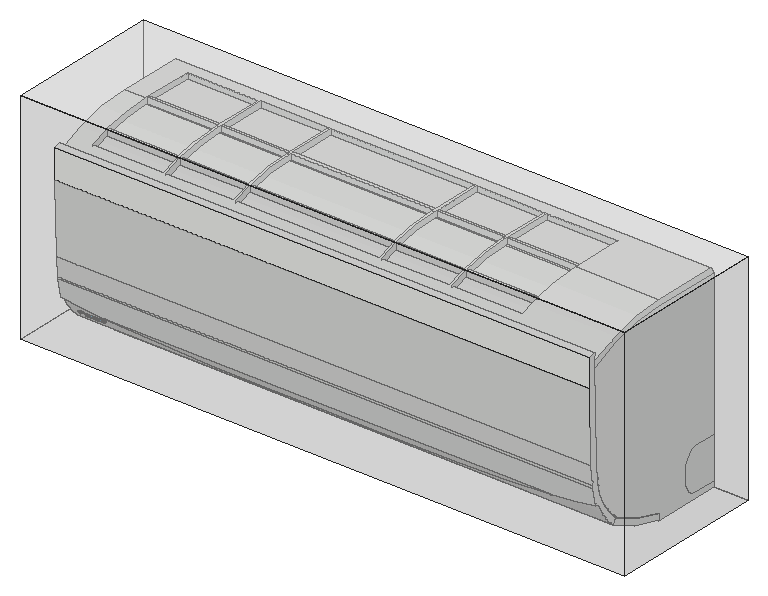
Revit family "outputfile", category 機械設備, Revit 2024
Family settings
  丸型コネクタ寸法 = 半径を使用
  パーツ タイプ = 標準
  OmniClass 番号 = 23.75.10.24.21.27.27
  OmniClass タイトル = Split System Air Conditioning Units
  作業面ベース = いいえ
  常に垂直 = はい
  ロード時にボイドで切り取り = いいえ
  注釈の向きを維持 = いいえ
  共有 = いいえ
  部屋計算ポイント = いいえ
Parameters (values of type "CTXM20RVMA")
  Description = ""
  書き出し IFC クラス(タイプ) = "IfcUnitaryEquipmentType"
  定義済み IFC タイプ(タイプ) = "AIRCONDITIONINGUNIT"
  Cost = 0
  Type Comments = ""
  Keynote = ""
  Type Image = (empty or 0)
  Assembly Code = ""
  w_wall hole = if(Width = 770.0 mm, 48.0 mm, if(Width = 990.0 mm, 60.0 mm, 89.0 mm))  # 48.0 mm
  製造元 = "Daikin"
  モデル = "CTXM20RVMA"
  switch_frequency = yes
  r_Liquid Pipe Size = Liquid Pipe Size / 2  # 3.2 mm
  r_Gas Pipe Size = Gas Pipe Size / 2  # 4.75 mm
  r_Drain Pipe Size = Drain Pipe Size / 2  # 8.0 mm
  lw_powersupply [instance] = if(Width = 770.0 mm, if(or(Rear Right Connection_refrigerant, Bottom Right Connection_refrigerant), 25.0 mm, if(or(Rear Left Connection_refrigerant, Bottom Left Connection_refrigerant), 745.0 mm, 400.0 mm)), if(Width = 990.0 mm, if(or(Rear Right Connection_refrigerant, Bottom Right Connection_refrigerant), 40.0 mm, if(or(Rear Left Connection_refrigerant, Bottom Left Connection_refrigerant), 920.0 mm, 400.0 mm)), if(Width = 1200.0 mm, if(or(Rear Right Connection_refrigerant, Bottom Right Connection_refrigerant), 89.0 mm - 19.0 mm, if(or(Rear Left Connection_refrigerant, Bottom Left Connection_refrigerant), 675.0 mm + (990.0 mm - 770.0 mm) + 145.0 mm + 22.0 mm + 89.0 mm, 400.0 mm)), if(or(Rear Right Connection_refrigerant, Bottom Right Connection_refrigerant), 89.0 mm - 19.0 mm, if(or(Rear Left Connection_refrigerant, Bottom Left Connection_refrigerant), 675.0 mm + (990.0 mm - 770.0 mm) + 145.0 mm + 22.0 mm + 89.0 mm, 400.0 mm)))))  # 400.0 mm
  lw_liquidpipe [instance] = if(Width = 770.0 mm, if(or(Rear Right Connection_refrigerant, Bottom Right Connection_refrigerant), 0.0 mm, if(or(Rear Left Connection_refrigerant, Bottom Left Connection_refrigerant), 664.0 mm, 385.0 mm)), if(Width = 990.0 mm, if(or(Rear Right Connection_refrigerant, Bottom Right Connection_refrigerant), 0.0 mm, if(or(Rear Left Connection_refrigerant, Bottom Left Connection_refrigerant), 664.0 mm + (990.0 mm - 770.0 mm), 475.0 mm)), if(Width = 1200.0 mm, if(or(Rear Right Connection_refrigerant, Bottom Right Connection_refrigerant), 0.0 mm, if(or(Rear Left Connection_refrigerant, Bottom Left Connection_refrigerant), 664.0 mm + (990.0 mm - 770.0 mm) + 145.0 mm, 460.0 mm)), if(or(Rear Right Connection_refrigerant, Bottom Right Connection_refrigerant), 0.0 mm, if(or(Rear Left Connection_refrigerant, Bottom Left Connection_refrigerant), 664.0 mm + (990.0 mm - 770.0 mm) + 145.0 mm, 460.0 mm)))))  # 385.0 mm
  lw_gaspipe [instance] = if(Width = 770.0 mm, if(or(Rear Right Connection_refrigerant, Bottom Right Connection_refrigerant), 0.0 mm, if(or(Rear Left Connection_refrigerant, Bottom Left Connection_refrigerant), 675.0 mm, if(Gas Pipe Size = 12.7 mm, 345.0 mm, 335.0 mm))), if(Width = 990.0 mm, if(or(Rear Right Connection_refrigerant, Bottom Right Connection_refrigerant), 10.0 mm, if(or(Rear Left Connection_refrigerant, Bottom Left Connection_refrigerant), 890.0 mm, if(Gas Pipe Size = 15.9 mm, 410.0 mm, 400.0 mm))), if(Width = 1200.0 mm, if(or(Rear Right Connection_refrigerant, Bottom Right Connection_refrigerant), 10.0 mm, if(or(Rear Left Connection_refrigerant, Bottom Left Connection_refrigerant), 675.0 mm + (990.0 mm - 770.0 mm) + 145.0 mm, 400.0 mm)), if(or(Rear Right Connection_refrigerant, Bottom Right Connection_refrigerant), 10.0 mm, if(or(Rear Left Connection_refrigerant, Bottom Left Connection_refrigerant), 675.0 mm + (990.0 mm - 770.0 mm) + 145.0 mm, 400.0 mm)))))  # 335.0 mm
  lw_drainpipe [instance] = if(Width = 770.0 mm, if(or(Rear Right Connection_refrigerant, Bottom Right Connection_refrigerant), 0.0 mm, if(or(Rear Left Connection_refrigerant, Bottom Left Connection_refrigerant), 770.0 mm - 48.0 mm - 48.0 mm, 440.0 mm)), if(Width = 990.0 mm, if(or(Rear Right Connection_refrigerant, Bottom Right Connection_refrigerant), 0.0 mm, if(or(Rear Left Connection_refrigerant, Bottom Left Connection_refrigerant), 675.0 mm + (990.0 mm - 770.0 mm), 435.0 mm)), if(Width = 1200.0 mm, if(or(Rear Right Connection_refrigerant, Bottom Right Connection_refrigerant), 0.0 mm, if(or(Rear Left Connection_refrigerant, Bottom Left Connection_refrigerant), 675.0 mm + (990.0 mm - 770.0 mm) + 145.0 mm, 465.0 mm)), if(or(Rear Right Connection_refrigerant, Bottom Right Connection_refrigerant), 0.0 mm, if(or(Rear Left Connection_refrigerant, Bottom Left Connection_refrigerant), 675.0 mm + (990.0 mm - 770.0 mm) + 145.0 mm, 465.0 mm)))))  # 440.0 mm
  l_powersupply_length [instance] = if(Width = 770.0 mm, if(Right Connection_refrigerant, 400.0 mm, if(Left Connection_refrigerant, 770.0 mm - 400.0 mm, if(or(Rear Left Connection_refrigerant, Rear Right Connection_refrigerant), 15.0 mm, 50.0 mm))), if(Width = 990.0 mm, if(Right Connection_refrigerant, 400.0 mm, if(Left Connection_refrigerant, 990.0 mm - 400.0 mm, if(or(Rear Left Connection_refrigerant, Rear Right Connection_refrigerant), 15.0 mm, 50.0 mm))), if(Width = 1200.0 mm, if(Right Connection_refrigerant, 400.0 mm, if(Left Connection_refrigerant, 1200.0 mm - 400.0 mm, if(or(Rear Left Connection_refrigerant, Rear Right Connection_refrigerant), 15.0 mm, 50.0 mm))), if(Right Connection_refrigerant, 400.0 mm, if(Left Connection_refrigerant, 1200.0 mm - 400.0 mm, if(or(Rear Left Connection_refrigerant, Rear Right Connection_refrigerant), 15.0 mm, 50.0 mm))))))  # 400.0 mm
  l_liquidpipe_length [instance] = if(Width = 770.0 mm, if(Right Connection_refrigerant, 433.0 mm, if(Left Connection_refrigerant, 337.0 mm, if(or(Rear Left Connection_refrigerant, Rear Right Connection_refrigerant), 30.0 mm, 40.0 mm))), if(Width = 990.0 mm, if(Right Connection_refrigerant, 535.0 mm, if(Left Connection_refrigerant, 455.0 mm, if(or(Rear Left Connection_refrigerant, Rear Right Connection_refrigerant), 30.0 mm, 40.0 mm))), if(Width = 1200.0 mm, if(Right Connection_refrigerant, 549.0 mm, if(Left Connection_refrigerant, 1200.0 mm - 549.0 mm, if(or(Rear Left Connection_refrigerant, Rear Right Connection_refrigerant), 30.0 mm, 40.0 mm))), if(Right Connection_refrigerant, 549.0 mm, if(Left Connection_refrigerant, 1200.0 mm - 549.0 mm, if(or(Rear Left Connection_refrigerant, Rear Right Connection_refrigerant), 30.0 mm, 40.0 mm))))))  # 433.0 mm
  l_gaspipe_length [instance] = if(Width = 770.0 mm, if(Right Connection_refrigerant, if(Gas Pipe Size = 12.7 mm, 393.0 mm, 383.0 mm), if(Left Connection_refrigerant, if(Gas Pipe Size = 12.7 mm, 770.0 mm - 393.0 mm, 770.0 mm - 383.0 mm), if(or(Rear Left Connection_refrigerant, Rear Right Connection_refrigerant), 40.0 mm, 50.0 mm))), if(Width = 990.0 mm, if(Right Connection_refrigerant, if(Gas Pipe Size = 15.9 mm, 470.0 mm, 460.0 mm), if(Left Connection_refrigerant, if(Gas Pipe Size = 15.9 mm, 990.0 mm - 470.0 mm, 990.0 mm - 460.0 mm), if(or(Rear Left Connection_refrigerant, Rear Right Connection_refrigerant), 40.0 mm, 50.0 mm))), if(Width = 1200.0 mm, if(Right Connection_refrigerant, 489.0 mm, if(Left Connection_refrigerant, 1200.0 mm - 489.0 mm, if(or(Rear Left Connection_refrigerant, Rear Right Connection_refrigerant), 40.0 mm, 50.0 mm))), if(Right Connection_refrigerant, 489.0 mm, if(Left Connection_refrigerant, 1200.0 mm - 489.0 mm, if(or(Rear Left Connection_refrigerant, Rear Right Connection_refrigerant), 40.0 mm, 50.0 mm))))))  # 383.0 mm
  l_drainpipe_length [instance] = if(Width = 770.0 mm, if(Right Connection_refrigerant, 488.0 mm, if(Left Connection_refrigerant, 282.0 mm, if(or(Rear Left Connection_refrigerant, Rear Right Connection_refrigerant), 15.0 mm, 20.0 mm))), if(Width = 990.0 mm, if(Right Connection_refrigerant, 495.0 mm, if(Left Connection_refrigerant, 495.0 mm, if(or(Rear Left Connection_refrigerant, Rear Right Connection_refrigerant), 15.0 mm, 20.0 mm))), if(Width = 1200.0 mm, if(Right Connection_refrigerant, 554.0 mm, if(Left Connection_refrigerant, 1200.0 mm - 554.0 mm, if(or(Rear Left Connection_refrigerant, Rear Right Connection_refrigerant), 15.0 mm, 20.0 mm))), if(Right Connection_refrigerant, 554.0 mm, if(Left Connection_refrigerant, 1200.0 mm - 554.0 mm, if(or(Rear Left Connection_refrigerant, Rear Right Connection_refrigerant), 15.0 mm, 20.0 mm))))))  # 488.0 mm
  h*** = 0.0 mm  # constant formula
  connector_voltage = Voltage_50Hz  # 230 V
  connector_powerinput = if([Power Input (Cooling)] > [Power Input (Heating)], [Power Input (Cooling)], [Power Input (Heating)])  # 0.000 kW
  connector_phase = Phase_50Hz  # 1
  angle_vertical [instance] = if(or(Bottom Left Connection_refrigerant, Bottom Right Connection_refrigerant), 0.00°, 90.00°)  # 90.00°
  angle_horizontal [instance] = if(Right Connection_refrigerant, 90.00°, if(Left Connection_refrigerant, -90.00°, if(or(Rear Left Connection_refrigerant, Rear Right Connection_refrigerant), 180.00°, 0.00°)))  # 90.00°
  Width = 770.0 mm
  Voltage_comment_50Hz = "220 - 240"
  Voltage_50Hz = 230 V
  Version = "ver.1.0"
  Unit Type = "Wall Mounted"
  Unit Mass Weight = 9.00 kg
  Unit Designation [instance] = ""
  Uniclass2015Version = "Products v1.30"
  Uniclass2015Title = "Split coil room air conditioning units"
  Uniclass2015Code = "Pr_70_65_03_86"
  URL = ""
  Total Heating Capacity [instance] = 0.000 kW
  Total Cooling Capacity [instance] = 0.000 kW
  Sound Pressure Level_M speed (dBA) = 32
  Sound Pressure Level_L speed (dBA) = 25
  Sound Pressure Level_H speed (dBA) = 38
  Sound Power Level_H speed (dB) = 0
  Series = "Multi Split_Fan Coil Unit"
  Sensible Cooling Capacity [instance] = 0.000 kW
  Refrigerant Type = "R32"
  Power Input (Heating) = 0.000 kW
  Power Input (Cooling) = 0.000 kW
  Phase_50Hz = 1
  Option Accessory 3 [instance] = ""
  Option Accessory 2 [instance] = ""
  Option Accessory 1 [instance] = ""
  Nominal Heating Capacity = 2.800 kW
  Nominal Cooling Capacity = 2.000 kW
  Minimum Circuit Amps_50Hz = 0.0 A
  Minimum Airflow = 342.00 m³/h
  Median Airflow = 432.00 m³/h
  Maximum Fuse Amps_50Hz = 0.0 A
  Maximum Airflow = 558.00 m³/h
  Material_Casing = DAIKIN_White_Casing_indoorunit
  Load Classification = HVAC
  Liquid Pipe Size = 6.4 mm
  Link_Nested Family [instance] = ""
  IfcVersion = ""
  IfcExportType = "AIRCONDITIONINGUNIT"
  IfcExportAs = "IfcUnitaryEquipmentType"
  Height = 285.0 mm
  Heating Entering Wet Bulb Temperature [instance] = 0.00 °C
  Heating Entering Dry Bulb Temperature [instance] = 0.00 °C
  Heating Ambient Wet Bulb Temperature [instance] = 0.00 °C
  Heating Ambient Dry Bulb Temperature [instance] = 0.00 °C
  Heat Exchanger Type = "Cross Fin Coil"
  Gas Pipe Size = 9.5 mm
  Frequency_50Hz = 50 Hz
  Fan Type = "Cross Flow Fan"
  Fan Drive = "Direct Drive"
  FCU Tag No. [instance] = ""
  Drain Pipe Size = 16.0 mm
  Design Supply Airflow [instance] = 0.00 m³/h
  Depth = 223.0 mm
  既定の高さ = 0.0 mm
  Cooling Entering Wet Bulb Temperature [instance] = 0.00 °C
  Cooling Entering Dry Bulb Temperature [instance] = 0.00 °C
  Cooling Ambient Wet Bulb Temperature [instance] = 0.00 °C
  Cooling Ambient Dry Bulb Temperature [instance] = 0.00 °C
  Clearance visibility [instance] = yes
  Clearance Top = 30.0 mm
  Clearance Right = 50.0 mm
  Clearance Rear = 0.0 mm
  Clearance Left = 50.0 mm
  Clearance Front = 0.0 mm
  Clearance Bottom = 0.0 mm
  Bottom Right Connection_refrigerant [instance] = no
  Bottom Left Connection_refrigerant [instance] = no
  Rear Right Connection_refrigerant [instance] = no
  Rear Left Connection_refrigerant [instance] = no
  Right Connection_refrigerant [instance] = yes
  Left Connection_refrigerant [instance] = no
Reference planes
  plane 1 "Back": y = 0
  plane 2: z = 0
  plane 3 "Center (Left/Right)": x = 0
  plane 4 "Center (Front/Back)": y = -111.5
  plane 5 "Front": y = -223
  plane 6 "Left": x = -385
  plane 7 "Right": x = 385
  plane 8 "Top": z = 0
  plane 9 "Bottom": z = -285
  plane 10: x = -435
  plane 11: x = 435
  plane 12: y = 0
  plane 13: y = -223
  plane 14: z = 30
  plane 15: z = -285
  plane 16 "lw_Piping and Wiring intake": x = 337
  plane 17 "lw_gaspipe": x = 2
  plane 18 "lw_liquidpipe": x = -48
  plane 19 "lw_drainpipe": x = -103
  plane 20 "lh_drainpipe": z = -265
  plane 21 "lh_liquidpipe": z = -245
  plane 22 "lh_gaspipe": z = -235
  plane 23 "ld_drainpipe": y = -15
  plane 24 "ld_liquidpipe": y = -30
  plane 25 "ld_gaspipe": y = -40
  plane 26 "lw_powersupply": x = -15
Dimensions and locks
  equal spacing: plane 6 "Left", plane 3 "Center (Left/Right)", plane 7 "Right"
  "Width": plane 6 "Left" to plane 7 "Right"
  equal spacing: plane 5 "Front", plane 4 "Center (Front/Back)", plane 1 "Back"
  "Depth": plane 5 "Front" to plane 1 "Back"
  "Height": plane 8 "Top" to plane 9 "Bottom"
  "Clearance Rear": plane 12 to plane 1 "Back"
  "Clearance Front": plane 13 to plane 5 "Front"
  "Clearance Top": plane 14 to plane 8 "Top"
  "Clearance Bottom": plane 9 "Bottom" to plane 15
  "w_wall hole": plane 16 "lw_Piping and Wiring intake" to plane 7 "Right"
  "lw_gaspipe": plane 17 "lw_gaspipe" to plane 16 "lw_Piping and Wiring intake"
  "lw_liquidpipe": plane 18 "lw_liquidpipe" to plane 16 "lw_Piping and Wiring intake"
  "lw_drainpipe": plane 19 "lw_drainpipe" to plane 16 "lw_Piping and Wiring intake"
  locked: plane 20 "lh_drainpipe" to plane 9 "Bottom" at 20
  locked: plane 21 "lh_liquidpipe" to plane 9 "Bottom" at 40
  locked: plane 22 "lh_gaspipe" to plane 9 "Bottom" at 50
  locked: plane 23 "ld_drainpipe" to plane 1 "Back" at 15
  locked: plane 1 "Back" to plane 24 "ld_liquidpipe" at 30
  locked: plane 1 "Back" to plane 25 "ld_gaspipe" at 40
  "lw_powersupply": plane 26 "lw_powersupply" to plane 7 "Right"
  "Clearance Right": plane 7 "Right" to plane 11
  "Clearance Left": plane 10 to plane 6 "Left"
  aligned and locked: level to plane 2
  aligned and locked: plane 12 to nested 1
  aligned and locked: nested 1 to plane 13
  aligned and locked: plane 10 to nested 1
  aligned and locked: plane 11 to nested 1
  aligned and locked: plane 15 to nested 1
  aligned and locked: plane 14 to nested 1
  aligned and locked: plane 17 "lw_gaspipe" to nested 2
  aligned and locked: nested 2 to plane 25 "ld_gaspipe"
  aligned and locked: plane 18 "lw_liquidpipe" to nested 3
  aligned and locked: nested 3 to plane 24 "ld_liquidpipe"
  aligned and locked: plane 19 "lw_drainpipe" to nested 4
  aligned and locked: nested 4 to plane 23 "ld_drainpipe"
  aligned and locked: nested 5 to plane 23 "ld_drainpipe"
  aligned and locked: plane 26 "lw_powersupply" to nested 5
  aligned and locked: level to plane 8 "Top"
  aligned and locked: plane 3 "Center (Left/Right)" to nested 6
  aligned and locked: plane 1 "Back" to nested 6
  aligned and locked: plane 8 "Top" to nested 6
Nested families
  nested 1: "daikin_clearancespace" at (0, -111.5, -127.381), show <- "Clearance visibility", visible <- "Clearance visibility", Link_Nested Family <- "Link_Nested Family", type "daikin_clearancespace"
    with width 870.0 mm, show yes, height 315.0 mm, depth 223.0 mm, Link_Nested Family ""
  nested 2: "daikin_connector_rotate3" at (2, -40, -235), angle_vertical <- "angle_vertical", angle_horizontal <- "angle_horizontal", length <- "l_gaspipe_length", radius <- "r_Gas Pipe Size", type "daikin_connector_rotate3"
    with show no, radius 4.75 mm, length 383.0 mm, angle_vertical 90.00°, angle_horizontal 90.00°
  nested 3: "daikin_connector_rotate3" at (-48, -30, -245), angle_vertical <- "angle_vertical", angle_horizontal <- "angle_horizontal", radius <- "r_Liquid Pipe Size", length <- "l_liquidpipe_length", type "daikin_connector_rotate3"
    with show no, radius 3.2 mm, length 433.0 mm, angle_vertical 90.00°, angle_horizontal 90.00°
  nested 4: "daikin_connector_rotate3" at (-103, -15, -265), angle_vertical <- "angle_vertical", angle_horizontal <- "angle_horizontal", length <- "l_drainpipe_length", radius <- "r_Drain Pipe Size", type "daikin_connector_rotate3"
    with show no, radius 8.0 mm, length 488.0 mm, angle_vertical 90.00°, angle_horizontal 90.00°
  nested 5: "daikin_connector_rotate3" at (-15, -15, -235), angle_vertical <- "angle_vertical", angle_horizontal <- "angle_horizontal", length <- "l_powersupply_length", type "daikin_connector_rotate3"
    with show no, radius 10.0 mm, length 400.0 mm, angle_vertical 90.00°, angle_horizontal 90.00°
  nested 6: "DAIKIN_indoorunit_CTXM-RVMA" at (-31, 0, 0), type "CTXM-RVMA"
Connectors
  piping at (385, -40, -235), diameter 9.5, driven by "r_Gas Pipe Size"
    settings: on nested 2, index 1, connector inside diameter 609.6 mm, connector length 0.0 mm, flow factor 0, pipe flow 0.00 m³/h, pressure drop 0.0 Pa, fitting loss kfactor 0, connector angle 0.00°, fixture units 0, engagement length 0.0 mm, angle of deflection 0.00°, flow configuration 1, flow direction 2, fitting loss method 0, system type 29, joint type 0, gender type 0, connector reference index -1, connector utility 0, adjustable connector no, is connector primary yes, connector description "Refrigerant Gas Piping"
  piping at (385, -30, -245), diameter 6.4, driven by "r_Liquid Pipe Size"
    settings: on nested 3, index 2, connector inside diameter 609.6 mm, connector length 0.0 mm, flow factor 0, pipe flow 0.00 m³/h, pressure drop 0.0 Pa, fitting loss kfactor 0, connector angle 0.00°, fixture units 0, engagement length 0.0 mm, angle of deflection 0.00°, flow configuration 1, flow direction 1, fitting loss method 0, system type 29, joint type 0, gender type 0, connector reference index -1, connector utility 0, adjustable connector no, is connector primary no, connector description "Refrigerant Liquid Piping"
  piping at (385, -15, -265), diameter 16, driven by "r_Drain Pipe Size"
    settings: on nested 4, index 3, connector inside diameter 609.6 mm, connector length 0.0 mm, flow factor 0, pipe flow 0.00 m³/h, pressure drop 0.0 Pa, fitting loss kfactor 0, connector angle 0.00°, fixture units 0, engagement length 0.0 mm, angle of deflection 0.00°, flow configuration 1, flow direction 2, fitting loss method 4, system type 16, joint type 0, gender type 0, connector reference index -1, connector utility 0, adjustable connector no, is connector primary no, connector description "Condensate Drain Piping"
  electrical at (385, -15, -235), driven by "Load Classification", driven by "connector_voltage", driven by "connector_phase", driven by "connector_powerinput"
    settings: on nested 5, index 4, voltage 230 V, apparent load 0 VA, apparent load phase1 0 VA, apparent load phase2 0 VA, apparent load phase3 0 VA, power factor 1, load classification "HVAC", number of poles 1, system type 30, power factor state 1, is connector primary yes, connector utility no, sub classification motor no, connector description "Power Supply"
Definition of nested family "daikin_clearancespace"
  Parameters (values of type "daikin_clearancespace")
    Description = "daikin_clearancespace"
    width [instance] = 1823.963 mm
    show [instance] = yes
    material = none
    height [instance] = 1359.762 mm
    depth [instance] = 880.0 mm
    Default Elevation = 0.0 mm
    Link_Nested Family [instance] = ""
  Reference planes
    plane 1 "Center (Front/Back)": y = 0
    plane 2 "Center (Elevation)": z = -0.119
    plane 3 "Center (Left/Right)": x = 0
    plane 4: y = 440
    plane 5: y = -440
    plane 6 "Right": x = 911.982
    plane 7 "Left": x = -911.982
    plane 8 "Top": z = 679.762
    plane 9 "Bottom": z = -680
  Forms (mm)
    Extrusion 1, solid, material <- "material", visible <- "show"
      sketch origin (0, 0, 0) x (1, 0, 0) y (0, 1, 0)
        loop
          line (-911.982, 440) -> (-911.982, -440) -> (911.982, -440) -> (911.982, 440) -> (-911.982, 440)
      from -680 to 679.762
  Lines and regions (mm)
    symbolic lines, visible <- "show"
      curve 1: line (911.982, 440, 0) -> (-911.982, 440, 0)
      curve 2: line (-911.982, 440, 0) -> (-911.982, -440, 0)
      curve 3: line (-911.982, -440, 0) -> (911.982, -440, 0)
      curve 4: line (911.982, -440, 0) -> (911.982, 440, 0)
      curve 5: line (911.982, 0, 679.762) -> (-911.982, 0, 679.762)
      curve 6: line (911.982, 0, -680) -> (911.982, 0, 679.762)
      curve 7: line (-911.982, 0, -680) -> (911.982, 0, -680)
      curve 8: line (-911.982, 0, 679.762) -> (-911.982, 0, -680)
      curve 9: line (0, 440, 679.762) -> (0, -440, 679.762)
      curve 10: line (0, -440, 679.762) -> (0, -440, -680)
      curve 11: line (0, 440, -680) -> (0, 440, 679.762)
      curve 12: line (0, -440, -680) -> (0, 440, -680)
  Dimensions and locks
    "width": plane 7 "Left" to plane 6 "Right"
    "depth": plane 4 to plane 5
    "height": plane 8 "Top" to plane 9 "Bottom"
    equal spacing: plane 7 "Left", plane 3 "Center (Left/Right)", plane 6 "Right"
    equal spacing: plane 4, plane 1 "Center (Front/Back)", plane 5
    equal spacing: plane 8 "Top", plane 2 "Center (Elevation)", plane 9 "Bottom"
    aligned and locked: level to plane 2 "Center (Elevation)"
    aligned and locked: Extrusion 1 sketch curve to plane 4
    aligned and locked: plane 7 "Left" to Extrusion 1 sketch curve
    aligned and locked: Extrusion 1 sketch curve to plane 5
    aligned and locked: Extrusion 1 sketch curve to plane 6 "Right"
    aligned and locked: plane 8 "Top" to Extrusion 1
    aligned and locked: curve 1 to Extrusion 1
    aligned and locked: curve 2 to Extrusion 1
    aligned and locked: curve 3 to Extrusion 1
    aligned and locked: curve 4 to Extrusion 1
    aligned and locked: curve 5 to Extrusion 1
    aligned and locked: curve 6 to Extrusion 1
    aligned and locked: curve 7 to Extrusion 1
    aligned and locked: curve 8 to Extrusion 1
    aligned and locked: curve 9 to Extrusion 1
    aligned and locked: curve 10 to Extrusion 1
    aligned and locked: curve 11 to Extrusion 1
    aligned and locked: curve 12 to Extrusion 1
    aligned and locked: Extrusion 1 to plane 9 "Bottom"
Definition of nested family "DAIKIN_indoorunit_CTXM-RVMA"
  Parameters (values of type "CTXM-RVMA")
    switch_unit1_85-95 = Width = 1200.0 mm  # no
    switch_unit1_50-71 = Width = 990.0 mm  # no
    switch_unit1_20-46 = Width = 770.0 mm  # yes
    Width = 770.0 mm
    WALL HOLE_L = if(Width = 1200.0 mm, 65.0 mm, 48.0 mm)  # 48.0 mm
    WALL HOLE_H = if(Width = 1200.0 mm, 45.0 mm, 44.5 mm)  # 44.5 mm
    WALL HOLE-R = if(Width = 770.0 mm, 48.0 mm, if(Width = 990.0 mm, 60.0 mm, 89.0 mm))  # 48.0 mm
    WALL HOLE Size = if(Width = 770.0 mm, 65.0 mm, 80.0 mm)  # 65.0 mm
    Material_Casing = none
    Height = if(Width = 770.0 mm, 285.0 mm, if(Width = 990.0 mm, 295.0 mm, 340.0 mm))  # 285.0 mm
    Default Elevation = 0.0 mm
  Reference planes
    plane 1 "Center (Front/Back)": y = 0
    plane 2 "reference_level": z = 0
    plane 3 "Center (Left/Right)": x = 31
    plane 4: x = -354
    plane 5: x = 416
    plane 6: z = -285
  Forms (mm)
    Extrusion 1, solid, material <- "Material_Casing", visible <- "switch_unit1_20-46"
      sketch origin (29, 0, 0) x (0, 1, 0) y (0, 0, 1)
        loop
          line (-5, 0) -> (-98, 0)
          arc (-98, 0) -> (-157.611, -7.211) -> (-213.783, -28.427) r 250
          arc (-213.783, -28.427) -> (-213.842, -32.972) -> (-213.892, -37.516) r 2191
          arc (-213.892, -37.516) -> (-157.832, -15.495) -> (-98.07, -8) r 242
          line (-98.07, -8) -> (0, -8) -> (-5, 0)
      from -383 to 387
    Extrusion 2, solid, material <- "Material_Casing", visible <- "switch_unit1_20-46"
      sketch origin (416, 1296.25, 1200) x (0, 1, 0) y (0, 0, 1)
        loop
          line (-1472.998, -1446.91) -> (-1476.998, -1453.839)
          arc (-1476.998, -1453.839) -> (-1437.481, -1472.422) -> (-1395.25, -1483.538) r 240
          line (-1395.25, -1483.538) -> (-1395.25, -1475.422)
          arc (-1395.25, -1475.422) -> (-1435.407, -1464.663) -> (-1472.998, -1446.91) r 232
      from 0 to -47.5
    Extrusion 3, solid, material <- "Material_Casing", visible <- "switch_unit1_20-46"
      sketch origin (29, 0, 0) x (0, 1, 0) y (0, 0, 1)
        loop
          arc (-223, -60.455) -> (-222.414, -110.646) -> (-220.656, -160.81) r 2149.92
          arc (-220.656, -160.81) -> (-219.65, -174.299) -> (-217.853, -187.706) r 229.911
          arc (-217.853, -187.706) -> (-205.371, -223.594) -> (-181.517, -253.17) r 111
          line (-181.517, -253.17) -> (-177.429, -246.093)
          arc (-177.429, -246.093) -> (-198.77, -218.989) -> (-209.965, -186.36) r 103
          arc (-209.965, -186.36) -> (-211.681, -173.586) -> (-212.651, -160.735) r 221.844
          arc (-212.651, -160.735) -> (-214.739, -93.233) -> (-214.74, -25.699) r 2186.828
          arc (-214.74, -25.699) -> (-214.671, -21.467) -> (-214.594, -17.235) r 2192
          line (-214.594, -17.235) -> (-223, -19.961) -> (-223, -60.455)
      from -383 to 387
    Extrusion 4, solid, material <- "Material_Casing", visible <- "switch_unit1_20-46"
      sketch origin (29, 0, 0) x (0, 1, 0) y (0, 0, 1)
        loop
          line (-181.517, -253.17) -> (-179.597, -249.846)
          arc (-179.597, -249.846) -> (-202.009, -221.399) -> (-213.189, -186.952) r 103
          line (-213.189, -186.952) -> (-217.853, -187.706)
          arc (-217.853, -187.706) -> (-217.533, -189.556) -> (-217.182, -191.4) r 111
          arc (-217.182, -191.4) -> (-213.806, -208.181) -> (-210.362, -224.948) r 4257.809
          arc (-210.362, -224.948) -> (-198.886, -237.857) -> (-186.225, -249.607) r 180
          line (-186.225, -249.607) -> (-181.517, -253.17)
      from -383 to 387
    Extrusion 5, solid, material <- "Material_Casing", visible <- "switch_unit1_20-46"
      sketch origin (29, 0, -20) x (0, 1, 0) y (0, 0, 1)
        loop
          line (0, -265) -> (0, 12) -> (-98.07, 12)
          arc (-98.07, 12) -> (-157.832, 4.505) -> (-213.892, -17.516) r 242
          arc (-213.892, -17.516) -> (-213.638, -79.114) -> (-211.653, -140.681) r 2191
          arc (-211.653, -140.681) -> (-210.685, -153.501) -> (-208.973, -166.243) r 221
          arc (-208.973, -166.243) -> (-197.471, -199.282) -> (-175.482, -226.491) r 102
          arc (-175.482, -226.491) -> (-138.004, -244.019) -> (-98, -254.579) r 231
          line (-98, -254.579) -> (-98, -265) -> (0, -265)
      from -383 to 387
    Extrusion 6, solid, material <- "Material_Casing", visible <- "switch_unit1_20-46"
      sketch origin (-354, 1296.25, 1200) x (0, 1, 0) y (0, 0, 1)
        loop
          line (-1472.998, -1446.91) -> (-1476.998, -1453.839)
          arc (-1476.998, -1453.839) -> (-1437.481, -1472.422) -> (-1395.25, -1483.538) r 240
          line (-1395.25, -1483.538) -> (-1395.25, -1475.422)
          arc (-1395.25, -1475.422) -> (-1435.407, -1464.663) -> (-1472.998, -1446.91) r 232
      from 47 to 0
    Extrusion 7, solid, material <- "Material_Casing", visible <- "switch_unit1_20-46"
      sketch origin (416, 1296.25, 1200) x (0, 1, 0) y (0, 0, 1)
        loop
          line (-1472.998, -1446.91) -> (-1476.998, -1453.839)
          arc (-1476.998, -1453.839) -> (-1443.437, -1470.168) -> (-1407.75, -1481.097) r 240
          line (-1407.75, -1481.097) -> (-1407.75, -1472.894)
          arc (-1407.75, -1472.894) -> (-1441.363, -1462.385) -> (-1472.998, -1446.91) r 232
      from -116.993 to -48.493
    Extrusion 8, solid, material <- "Material_Casing", visible <- "switch_unit1_20-46"
      sketch origin (416, 1296.25, 1200) x (0, 1, 0) y (0, 0, 1)
        loop
          line (-1472.998, -1446.91) -> (-1476.998, -1453.839)
          arc (-1476.998, -1453.839) -> (-1443.437, -1470.168) -> (-1407.75, -1481.097) r 240
          line (-1407.75, -1481.097) -> (-1407.75, -1472.894)
          arc (-1407.75, -1472.894) -> (-1441.363, -1462.385) -> (-1472.998, -1446.91) r 232
      from -717 to -121.993
    Extrusion 9, void
      sketch origin (31, 0, -235) x (1, 0, 0) y (0, 1, 0)
        loop
          line (-252.674, -22.316) -> (-354.941, -22.316) -> (-354.941, -91.341) -> (-252.674, -91.341) -> (-252.674, -22.316)
        loop
          line (-249.341, -91.341) -> (-151.574, -91.341) -> (-151.574, -22.316) -> (-249.341, -22.316) -> (-249.341, -91.341)
        loop
          line (58.309, -22.316) -> (-148.309, -22.316) -> (-148.309, -91.341) -> (58.309, -91.341) -> (58.309, -22.316)
        loop
          line (61.689, -22.316) -> (61.689, -91.341) -> (159.457, -91.341) -> (159.457, -22.316) -> (61.689, -22.316)
        loop
          line (162.789, -22.316) -> (162.789, -91.341) -> (265.057, -91.341) -> (265.057, -22.316) -> (162.789, -22.316)
        loop
          line (-354.941, -94.659) -> (-354.941, -165.259) -> (-252.674, -165.259) -> (-252.674, -94.659) -> (-354.941, -94.659)
        loop
          line (-249.341, -94.659) -> (-249.341, -165.259) -> (-151.574, -165.259) -> (-151.574, -94.659) -> (-249.341, -94.659)
        loop
          line (-148.309, -94.659) -> (-148.309, -165.259) -> (58.309, -165.259) -> (58.309, -94.659) -> (-148.309, -94.659)
        loop
          line (61.689, -94.659) -> (61.689, -165.259) -> (159.457, -165.259) -> (159.457, -94.659) -> (61.689, -94.659)
        loop
          line (162.789, -94.659) -> (162.789, -165.259) -> (265.057, -165.259) -> (265.057, -94.659) -> (162.789, -94.659)
        loop
          line (-354.941, -167.382) -> (-354.941, -192.681) -> (-252.674, -192.681) -> (-252.674, -167.382) -> (-354.941, -167.382)
        loop
          line (-249.341, -167.382) -> (-249.341, -192.681) -> (-151.574, -192.681) -> (-151.574, -167.382) -> (-249.341, -167.382)
        loop
          line (-148.309, -167.382) -> (-148.309, -192.681) -> (58.309, -192.681) -> (58.309, -167.382) -> (-148.309, -167.382)
        loop
          line (159.457, -167.382) -> (61.689, -167.382) -> (61.689, -192.681) -> (159.457, -192.681) -> (159.457, -167.382)
        loop
          line (265.057, -167.382) -> (162.789, -167.382) -> (162.789, -192.681) -> (265.057, -192.681) -> (265.057, -167.382)
      from 201.638 to 250
    Extrusion 10, void
      sketch origin (31, 0, 0) x (1, 0, 0) y (0, 0, 1)
        loop
          arc (597, -174.907) -> (0.056, -245.263) -> (-597, -175.856) r 2585.042
          line (-597, -175.856) -> (-597, -352.872) -> (597, -352.872) -> (597, -174.907)
      from 173 to 315.3
    Extrusion 11, solid, material <- "Material_Casing"
      sketch origin (31, 0, 0) x (1, 0, 0) y (0, 0, 1)
        loop
          circle (337, -240.5) r 32.5
        loop
          circle (-337, -240.5) r 32.5
      from 0 to 5
    Extrusion 12, solid, material <- "Material_Casing", visible <- "switch_unit1_20-46"
      sketch origin (416, 1296.25, 1200) x (0, -1, 0) y (0, 0, 1)
        loop
          line (1326.25, -1417) -> (1296.25, -1417) -> (1296.25, -1477) -> (1326.25, -1477)
          arc (1326.25, -1477) -> (1340.393, -1471.142) -> (1346.25, -1457) r 20
          line (1346.25, -1457) -> (1346.25, -1437)
          arc (1346.25, -1437) -> (1340.393, -1422.858) -> (1326.25, -1417) r 20
      from 0 to 5
    Extrusion 13, solid, material <- "Material_Casing", visible <- "switch_unit1_20-46"
      sketch origin (-354, 1296.25, 1200) x (0, 1, 0) y (0, 0, 1)
        loop
          line (-1296.25, -1417) -> (-1326.25, -1417)
          arc (-1326.25, -1417) -> (-1340.393, -1422.858) -> (-1346.25, -1437) r 20
          line (-1346.25, -1437) -> (-1346.25, -1457)
          arc (-1346.25, -1457) -> (-1340.393, -1471.142) -> (-1326.25, -1477) r 20
          line (-1326.25, -1477) -> (-1296.25, -1477) -> (-1296.25, -1417)
      from 0 to 5
    Extrusion 14, solid, material <- "Material_Casing", visible <- "switch_unit1_20-46"
      sketch origin (31, 0, -285) x (-1, 0, 0) y (0, -1, 0)
        loop
          line (-314, 0) -> (-314, 30)
          arc (-314, 30) -> (-319.858, 44.142) -> (-334, 50) r 20
          line (-334, 50) -> (-354, 50)
          arc (-354, 50) -> (-368.142, 44.142) -> (-374, 30) r 20
          line (-374, 30) -> (-374, 0) -> (-314, 0)
        loop
          line (374, 0) -> (374, 30)
          arc (374, 30) -> (368.142, 44.142) -> (354, 50) r 20
          line (354, 50) -> (334, 50)
          arc (334, 50) -> (319.858, 44.142) -> (314, 30) r 20
          line (314, 30) -> (314, 0) -> (374, 0)
      from 0 to 5
    Extrusion 15, solid, material <- "Material_Casing", visible <- "switch_unit1_50-71"
      sketch origin (31, 0, 0) x (0, 1, 0) y (0, 0, 1)
        loop
          line (-5, 0) -> (-138, 0)
          arc (-138, 0) -> (-197.611, -7.211) -> (-253.783, -28.427) r 250
          arc (-253.783, -28.427) -> (-253.838, -32.687) -> (-253.886, -36.946) r 2191
          arc (-253.886, -36.946) -> (-197.73, -15.346) -> (-138.014, -8) r 246.393
          line (-138.014, -8) -> (0, -8) -> (-5, 0)
      from -495 to 495
    Extrusion 16, solid, material <- "Material_Casing", visible <- "switch_unit1_50-71"
      sketch origin (418, 1296.25, 1200) x (0, 1, 0) y (0, 0, 1)
        loop
          arc (-1515.208, -1454.149) -> (-1506.856, -1460.599) -> (-1497.925, -1466.219) r 110
          arc (-1497.925, -1466.219) -> (-1445.718, -1487.493) -> (-1389.844, -1494.995) r 223
          line (-1389.844, -1494.995) -> (-1389.844, -1486.086) -> (-1404.386, -1486.086)
          arc (-1404.386, -1486.086) -> (-1449.542, -1477.46) -> (-1491.818, -1459.402) r 214.289
          arc (-1491.818, -1459.402) -> (-1501.056, -1453.541) -> (-1509.606, -1446.715) r 101
          line (-1509.606, -1446.715) -> (-1515.208, -1454.149)
      from 108 to 57.5
    Extrusion 17, solid, material <- "Material_Casing", visible <- "switch_unit1_50-71"
      sketch origin (31, 0, 0) x (0, 1, 0) y (0, 0, 1)
        loop
          line (-263, -19.962) -> (-263, -61.6)
          arc (-263, -61.6) -> (-262.414, -110.219) -> (-260.656, -158.81) r 2017.341
          arc (-260.656, -158.81) -> (-255.648, -191.935) -> (-244.041, -223.362) r 164.725
          arc (-244.041, -223.362) -> (-233.569, -239.793) -> (-219.717, -253.495) r 87.379
          line (-219.717, -253.495) -> (-214.706, -246.846)
          arc (-214.706, -246.846) -> (-229.564, -230.029) -> (-240.385, -210.371) r 102
          arc (-240.385, -210.371) -> (-249.049, -182.962) -> (-252.848, -154.467) r 165.789
          arc (-252.848, -154.467) -> (-254.771, -90.102) -> (-254.74, -25.708) r 2122.533
          arc (-254.74, -25.708) -> (-254.671, -21.469) -> (-254.594, -17.23) r 2192
          line (-254.594, -17.23) -> (-263, -19.962)
      from -495 to 495
    Extrusion 18, void
      sketch origin (33, 0, 0) x (1, 0, 0) y (0, 1, 0)
        loop
          line (-466.909, -22.316) -> (-466.909, -111.341) -> (-366.303, -111.341) -> (-366.303, -22.316) -> (-466.909, -22.316)
        loop
          line (-362.71, -22.316) -> (-362.71, -111.341) -> (-262.103, -111.341) -> (-262.103, -22.316) -> (-362.71, -22.316)
        loop
          line (-258.51, -22.316) -> (-258.51, -111.341) -> (-157.904, -111.341) -> (-157.904, -22.316) -> (-258.51, -22.316)
        loop
          line (-154.31, -22.316) -> (-154.31, -111.341) -> (-53.704, -111.341) -> (-53.704, -22.316) -> (-154.31, -22.316)
        loop
          line (-50.11, -22.316) -> (-50.11, -111.341) -> (50.496, -111.341) -> (50.496, -22.316) -> (-50.11, -22.316)
        loop
          line (54.089, -22.316) -> (54.089, -111.341) -> (154.696, -111.341) -> (154.696, -22.316) -> (54.089, -22.316)
        loop
          line (158.289, -22.316) -> (158.289, -111.341) -> (258.895, -111.341) -> (258.895, -22.316) -> (158.289, -22.316)
        loop
          line (262.489, -22.316) -> (262.489, -111.341) -> (363.095, -111.341) -> (363.095, -22.316) -> (262.489, -22.316)
        loop
          line (-466.909, -114.459) -> (-466.909, -185.059) -> (-366.303, -185.059) -> (-366.303, -114.459) -> (-466.909, -114.459)
        loop
          line (-362.71, -114.459) -> (-362.71, -185.059) -> (-262.103, -185.059) -> (-262.103, -114.459) -> (-362.71, -114.459)
        loop
          line (-258.51, -114.459) -> (-258.51, -185.059) -> (-157.904, -185.059) -> (-157.904, -114.459) -> (-258.51, -114.459)
        loop
          line (-154.31, -114.459) -> (-154.31, -185.059) -> (-53.704, -185.059) -> (-53.704, -114.459) -> (-154.31, -114.459)
        loop
          line (-50.11, -114.459) -> (-50.11, -185.059) -> (50.496, -185.059) -> (50.496, -114.459) -> (-50.11, -114.459)
        loop
          line (54.089, -114.459) -> (54.089, -185.059) -> (154.696, -185.059) -> (154.696, -114.459) -> (54.089, -114.459)
        loop
          line (158.289, -114.459) -> (158.289, -185.059) -> (258.895, -185.059) -> (258.895, -114.459) -> (158.289, -114.459)
        loop
          line (262.489, -114.459) -> (262.489, -185.059) -> (363.095, -185.059) -> (363.095, -114.459) -> (262.489, -114.459)
        loop
          line (-466.909, -187.382) -> (-466.909, -232.681) -> (-366.303, -232.681) -> (-366.303, -187.382) -> (-466.909, -187.382)
        loop
          line (-362.71, -187.382) -> (-362.71, -232.681) -> (-262.103, -232.681) -> (-262.103, -187.382) -> (-362.71, -187.382)
        loop
          line (-258.51, -187.382) -> (-258.51, -232.681) -> (-157.904, -232.681) -> (-157.904, -187.382) -> (-258.51, -187.382)
        loop
          line (-154.31, -187.382) -> (-154.31, -232.681) -> (-53.704, -232.681) -> (-53.704, -187.382) -> (-154.31, -187.382)
        loop
          line (-50.11, -187.382) -> (-50.11, -232.681) -> (50.496, -232.681) -> (50.496, -187.382) -> (-50.11, -187.382)
        loop
          line (54.089, -187.382) -> (54.089, -232.681) -> (154.696, -232.681) -> (154.696, -187.382) -> (54.089, -187.382)
        loop
          line (158.289, -187.382) -> (158.289, -232.681) -> (258.895, -232.681) -> (258.895, -187.382) -> (158.289, -187.382)
        loop
          line (262.489, -187.382) -> (262.489, -232.681) -> (363.095, -232.681) -> (363.095, -187.382) -> (262.489, -187.382)
      from -40.013 to 47.268
    Extrusion 19, void
      sketch origin (33, 0, 2300) x (1, 0, 0) y (0, 0, 1)
        loop
          line (705, -2672.872) -> (705, -2462.4)
          arc (705, -2462.4) -> (-2.043, -2534.819) -> (-709, -2461.567) r 3467.757
          line (-709, -2461.567) -> (-709, -2672.872) -> (705, -2672.872)
      from 173 to 315.3
    Extrusion 20, solid, material <- "Material_Casing", visible <- "switch_unit1_50-71"
      sketch origin (-356, 1296.25, 1200) x (0, 1, 0) y (0, 0, -1)
        loop
          line (-1515.208, 1454.149) -> (-1509.606, 1446.715)
          arc (-1509.606, 1446.715) -> (-1501.056, 1453.541) -> (-1491.818, 1459.402) r 101
          arc (-1491.818, 1459.402) -> (-1449.542, 1477.46) -> (-1404.386, 1486.086) r 214.289
          line (-1404.386, 1486.086) -> (-1389.844, 1486.086) -> (-1389.844, 1494.995)
          arc (-1389.844, 1494.995) -> (-1445.718, 1487.493) -> (-1497.925, 1466.219) r 223
          arc (-1497.925, 1466.219) -> (-1506.856, 1460.599) -> (-1515.208, 1454.149) r 110
      from 108 to 61
    Extrusion 21, solid, material <- "Material_Casing", visible <- "switch_unit1_50-71"
      sketch origin (418, 1296.25, 1200) x (0, 1, 0) y (0, 0, 1)
        loop
          arc (-1515.208, -1454.149) -> (-1506.856, -1460.599) -> (-1497.925, -1466.219) r 110
          arc (-1497.925, -1466.219) -> (-1463.185, -1482.066) -> (-1426.25, -1491.755) r 223
          line (-1426.25, -1491.755) -> (-1426.25, -1483.166)
          arc (-1426.25, -1483.166) -> (-1460.008, -1473.969) -> (-1491.818, -1459.402) r 214.289
          arc (-1491.818, -1459.402) -> (-1501.056, -1453.541) -> (-1509.606, -1446.715) r 101
          line (-1509.606, -1446.715) -> (-1515.208, -1454.149)
      from 56.5 to -36.993
    Extrusion 22, solid, material <- "Material_Casing", visible <- "switch_unit1_50-71"
      sketch origin (418, 1296.25, 1200) x (0, 1, 0) y (0, 0, 1)
        loop
          arc (-1426.25, -1483.166) -> (-1443.442, -1479.224) -> (-1460.25, -1473.881) r 214.289
          line (-1460.25, -1473.881) -> (-1460.25, -1483.089)
          arc (-1460.25, -1483.089) -> (-1443.421, -1488.091) -> (-1426.25, -1491.755) r 223
          line (-1426.25, -1491.755) -> (-1426.25, -1483.166)
      from -43.493 to -828.893
    Extrusion 23, solid, material <- "Material_Casing", visible <- "switch_unit1_50-71"
      sketch origin (418, 1296.25, 1200) x (0, 1, 0) y (0, 0, 1)
        loop
          arc (-1515.208, -1454.149) -> (-1506.856, -1460.599) -> (-1497.925, -1466.219) r 110
          arc (-1497.925, -1466.219) -> (-1479.479, -1475.527) -> (-1460.25, -1483.089) r 223
          line (-1460.25, -1483.089) -> (-1460.25, -1473.881)
          arc (-1460.25, -1473.881) -> (-1476.328, -1467.282) -> (-1491.818, -1459.402) r 214.289
          arc (-1491.818, -1459.402) -> (-1501.056, -1453.541) -> (-1509.606, -1446.715) r 101
          line (-1509.606, -1446.715) -> (-1515.208, -1454.149)
      from -43.493 to -828.893
    Extrusion 24, solid, material <- "Material_Casing", visible <- "switch_unit1_50-71"
      sketch origin (31, 0, 0) x (0, 1, 0) y (0, 0, 1)
        loop
          arc (-217.78, -250.924) -> (-234.088, -233.307) -> (-245.826, -212.366) r 102
          arc (-245.826, -212.366) -> (-251.608, -196.062) -> (-255.659, -179.245) r 165.789
          line (-255.659, -179.245) -> (-258.299, -179.737)
          arc (-258.299, -179.737) -> (-257.524, -183.799) -> (-256.646, -187.84) r 164.725
          arc (-256.646, -187.84) -> (-252.868, -206.25) -> (-249.973, -224.82) r 393.089
          arc (-249.973, -224.82) -> (-239.237, -236.969) -> (-227.451, -248.102) r 180
          arc (-227.451, -248.102) -> (-223.723, -250.998) -> (-219.717, -253.495) r 45.878
          line (-219.717, -253.495) -> (-217.78, -250.924)
      from -495 to 495
    Extrusion 25, solid, material <- "Material_Casing", visible <- "switch_unit1_50-71"
      sketch origin (31, 0, -30) x (0, 1, 0) y (0, 0, 1)
        loop
          line (0, 22) -> (-138.014, 22)
          arc (-138.014, 22) -> (-197.73, 14.654) -> (-253.886, -6.946) r 246.393
          arc (-253.886, -6.946) -> (-253.682, -65.635) -> (-251.855, -124.295) r 2120.935
          arc (-251.855, -124.295) -> (-248.086, -152.682) -> (-239.461, -179.988) r 164.789
          arc (-239.461, -179.988) -> (-228.903, -199.231) -> (-214.437, -215.738) r 101
          line (-214.437, -215.738) -> (-212.406, -216.221)
          arc (-212.406, -216.221) -> (-204.07, -222.837) -> (-195.079, -228.53) r 100
          arc (-195.079, -228.53) -> (-145.557, -248.629) -> (-92.593, -255.785) r 213.289
          line (-92.593, -255.785) -> (-92.593, -265) -> (0, -265) -> (0, 22)
      from -495 to 495
    Extrusion 26, solid, material <- "Material_Casing", visible <- "switch_unit1_50-71"
      sketch origin (526, 1296.25, 1200) x (0, -1, 0) y (0, 0, 1)
        loop
          line (1326.25, -1427.035) -> (1296.25, -1427.035) -> (1296.25, -1487.035) -> (1326.25, -1487.035)
          arc (1326.25, -1487.035) -> (1340.393, -1481.177) -> (1346.25, -1467.035) r 20
          line (1346.25, -1467.035) -> (1346.25, -1447.035)
          arc (1346.25, -1447.035) -> (1340.393, -1432.892) -> (1326.25, -1427.035) r 20
      from 0 to 5
    Extrusion 27, solid, material <- "Material_Casing", visible <- "switch_unit1_50-71"
      sketch origin (-459, 1296.25, 1200) x (0, -1, 0) y (0, 0, 1)
        loop
          line (1326.25, -1427.035) -> (1296.25, -1427.035) -> (1296.25, -1487.035) -> (1326.25, -1487.035)
          arc (1326.25, -1487.035) -> (1340.393, -1481.177) -> (1346.25, -1467.035) r 20
          line (1346.25, -1467.035) -> (1346.25, -1447.035)
          arc (1346.25, -1447.035) -> (1340.393, -1432.892) -> (1326.25, -1427.035) r 20
      from 0 to 5
    Extrusion 28, solid, material <- "Material_Casing", visible <- "switch_unit1_50-71"
      sketch origin (31, 200, -295) x (-1, 0, 0) y (0, -1, 0)
        loop
          line (469, 200) -> (469, 230)
          arc (469, 230) -> (463.142, 244.142) -> (449, 250) r 20
          line (449, 250) -> (429, 250)
          arc (429, 250) -> (414.858, 244.142) -> (409, 230) r 20
          line (409, 230) -> (409, 200) -> (469, 200)
        loop
          line (-469, 200) -> (-409, 200) -> (-409, 230)
          arc (-409, 230) -> (-414.858, 244.142) -> (-429, 250) r 20
          line (-429, 250) -> (-449, 250)
          arc (-449, 250) -> (-463.142, 244.142) -> (-469, 230) r 20
          line (-469, 230) -> (-469, 200)
      from 0 to 5
    Extrusion 29, solid, material <- "Material_Casing", visible <- "switch_unit1_85-95"
      sketch origin (631, 1296.25, 1200) x (0, -1, 0) y (0, 0, 1)
        loop
          line (1326.25, -1472) -> (1296.25, -1472) -> (1296.25, -1532) -> (1326.25, -1532)
          arc (1326.25, -1532) -> (1340.393, -1526.142) -> (1346.25, -1512) r 20
          line (1346.25, -1512) -> (1346.25, -1492)
          arc (1346.25, -1492) -> (1340.393, -1477.858) -> (1326.25, -1472) r 20
      from 0 to 5
    Extrusion 30, solid, material <- "Material_Casing", visible <- "switch_unit1_85-95"
      sketch origin (-569, 1296.25, 1200) x (0, 1, 0) y (0, 0, 1)
        loop
          line (-1296.25, -1472) -> (-1326.25, -1472)
          arc (-1326.25, -1472) -> (-1340.393, -1477.858) -> (-1346.25, -1492) r 20
          line (-1346.25, -1492) -> (-1346.25, -1512)
          arc (-1346.25, -1512) -> (-1340.393, -1526.142) -> (-1326.25, -1532) r 20
          line (-1326.25, -1532) -> (-1296.25, -1532) -> (-1296.25, -1472)
      from 0 to 5
    Extrusion 31, solid, material <- "Material_Casing", visible <- "switch_unit1_85-95"
      sketch origin (31, 0, -340) x (-1, 0, 0) y (0, -1, 0)
        loop
          line (-481, 0) -> (-481, 30)
          arc (-481, 30) -> (-486.858, 44.142) -> (-501, 50) r 20
          line (-501, 50) -> (-521, 50)
          arc (-521, 50) -> (-535.142, 44.142) -> (-541, 30) r 20
          line (-541, 30) -> (-541, 0) -> (-481, 0)
        loop
          line (565, 0) -> (565, 30)
          arc (565, 30) -> (559.142, 44.142) -> (545, 50) r 20
          line (545, 50) -> (525, 50)
          arc (525, 50) -> (510.858, 44.142) -> (505, 30) r 20
          line (505, 30) -> (505, 0) -> (565, 0)
      from 0 to 5
    Extrusion 32, solid, material <- "Material_Casing", visible <- "switch_unit1_85-95"
      sketch origin (-569, 1296.25, 1200) x (0, 1, 0) y (0, 0, 1)
        loop
          arc (-1384.085, -1200) -> (-1382.584, -1209.393) -> (-1381.156, -1218.797) r 1217.3
          arc (-1381.156, -1218.797) -> (-1378.93, -1237.783) -> (-1376.836, -1256.785) r 2738.4
          arc (-1376.836, -1256.785) -> (-1376.212, -1263.453) -> (-1375.66, -1270.127) r 616.9
          arc (-1375.66, -1270.127) -> (-1373.897, -1298.249) -> (-1372.816, -1326.405) r 1161.9
          arc (-1372.816, -1326.405) -> (-1372.551, -1347.31) -> (-1372.774, -1368.215) r 895.6
          arc (-1372.774, -1368.215) -> (-1373.847, -1397.407) -> (-1375.67, -1426.561) r 1135.9
          arc (-1375.67, -1426.561) -> (-1375.876, -1428.629) -> (-1376.05, -1430.7) r 137.566
          line (-1376.05, -1430.7) -> (-1376.748, -1437.825)
          arc (-1376.748, -1437.825) -> (-1376.846, -1438.875) -> (-1376.947, -1439.926) r 581.3
          arc (-1376.947, -1439.926) -> (-1378.672, -1455.935) -> (-1380.558, -1471.925) r 1594.373
          line (-1380.558, -1471.925) -> (-1381.15, -1476.7) -> (-1382.29, -1485.103)
          arc (-1382.29, -1485.103) -> (-1384.162, -1497.489) -> (-1386.134, -1509.86) r 1546.6
          arc (-1386.134, -1509.86) -> (-1388.869, -1524.943) -> (-1391.741, -1540) r 1684.8
          line (-1391.741, -1540) -> (-1296.25, -1540) -> (-1296.25, -1208) -> (-1301.25, -1200) -> (-1384.085, -1200)
      from 0 to 1200
    Extrusion 33, solid, material <- "Material_Casing", visible <- "switch_unit1_85-95"
      sketch origin (-569, 1296.25, 1200) x (0, 1, 0) y (0, 0, 1)
        loop
          arc (-1414.55, -1200) -> (-1434.024, -1201.914) -> (-1452.752, -1207.585) r 100
          arc (-1452.752, -1207.585) -> (-1476.474, -1218.33) -> (-1499.225, -1231) r 314.805
          line (-1499.225, -1231) -> (-1502.28, -1239.145)
          arc (-1502.28, -1239.145) -> (-1495.253, -1346.307) -> (-1501.778, -1453.5) r 851
          line (-1501.778, -1453.5) -> (-1501.982, -1455.13)
          arc (-1501.982, -1455.13) -> (-1503.516, -1466.618) -> (-1505.205, -1478.084) r 851
          arc (-1505.205, -1478.084) -> (-1474.895, -1497.904) -> (-1442.314, -1513.717) r 284.7
          arc (-1442.314, -1513.717) -> (-1431.603, -1517.85) -> (-1420.733, -1521.548) r 284.8
          arc (-1420.733, -1521.548) -> (-1416.044, -1524.921) -> (-1414.25, -1530.411) r 9.3
          line (-1414.25, -1530.411) -> (-1414.25, -1539.117)
          arc (-1414.25, -1539.117) -> (-1412.616, -1539.563) -> (-1410.98, -1540) r 299.8
          line (-1410.98, -1540) -> (-1391.741, -1540)
          arc (-1391.741, -1540) -> (-1389.65, -1529.113) -> (-1387.631, -1518.212) r 1684.8
          line (-1387.631, -1518.212) -> (-1386.731, -1513.212) -> (-1385.002, -1502.84)
          arc (-1385.002, -1502.84) -> (-1383.621, -1493.975) -> (-1382.29, -1485.103) r 1546.6
          line (-1382.29, -1485.103) -> (-1381.15, -1476.7) -> (-1380.558, -1471.925)
          arc (-1380.558, -1471.925) -> (-1378.672, -1455.935) -> (-1376.947, -1439.926) r 1594.373
          arc (-1376.947, -1439.926) -> (-1376.846, -1438.875) -> (-1376.75, -1437.8) r 581.3
          line (-1376.75, -1437.8) -> (-1376.05, -1430.7)
          arc (-1376.05, -1430.7) -> (-1375.876, -1428.629) -> (-1375.67, -1426.561) r 137.566
          arc (-1375.67, -1426.561) -> (-1373.847, -1397.407) -> (-1372.774, -1368.215) r 1135.9
          arc (-1372.774, -1368.215) -> (-1372.551, -1347.31) -> (-1372.816, -1326.405) r 895.6
          arc (-1372.816, -1326.405) -> (-1373.897, -1298.249) -> (-1375.66, -1270.127) r 1161.9
          arc (-1375.66, -1270.127) -> (-1376.212, -1263.453) -> (-1376.836, -1256.785) r 616.9
          arc (-1376.836, -1256.785) -> (-1378.693, -1239.872) -> (-1380.655, -1222.971) r 2738.4
          arc (-1380.655, -1222.971) -> (-1381.22, -1218.629) -> (-1381.831, -1214.293) r 417.8
          arc (-1381.831, -1214.293) -> (-1382.937, -1207.143) -> (-1384.085, -1200) r 1217.3
          line (-1384.085, -1200) -> (-1414.55, -1200)
      from 0 to 1200
    Extrusion 34, solid, material <- "Material_Casing", visible <- "switch_unit1_85-95"
      sketch origin (-569, 1296.25, 1200) x (0, 1, 0) y (0, 0, 1)
        loop
          arc (-1507.93, -1494.658) -> (-1478.905, -1512.844) -> (-1447.994, -1527.6) r 299.7
          arc (-1447.994, -1527.6) -> (-1431.293, -1533.86) -> (-1414.25, -1539.117) r 299.8
          line (-1414.25, -1539.117) -> (-1414.25, -1530.411)
          arc (-1414.25, -1530.411) -> (-1416.044, -1524.921) -> (-1420.733, -1521.548) r 9.3
          arc (-1420.733, -1521.548) -> (-1431.603, -1517.85) -> (-1442.314, -1513.717) r 284.8
          arc (-1442.314, -1513.717) -> (-1474.895, -1497.904) -> (-1505.205, -1478.084) r 284.7
          arc (-1505.205, -1478.084) -> (-1506.527, -1486.377) -> (-1507.93, -1494.658) r 851
      from 0 to 1200
    Extrusion 35, void
      sketch origin (-569, 1296.25, 1200) x (0, 1, 0) y (0, 0, 1)
        loop
          line (-1414.25, -1544.301) -> (-1414.25, -1530.411)
          arc (-1414.25, -1530.411) -> (-1416.044, -1524.921) -> (-1420.733, -1521.548) r 9.3
          arc (-1420.733, -1521.548) -> (-1431.603, -1517.85) -> (-1442.314, -1513.717) r 284.8
          arc (-1442.314, -1513.717) -> (-1474.895, -1497.904) -> (-1505.205, -1478.084) r 284.7
          arc (-1505.205, -1478.084) -> (-1506.979, -1489.099) -> (-1508.897, -1500.091) r 851
          arc (-1508.897, -1500.091) -> (-1480.28, -1517.791) -> (-1449.887, -1532.228) r 304.7
          arc (-1449.887, -1532.228) -> (-1432.255, -1538.815) -> (-1414.25, -1544.301) r 304.8
      from 47 to 1024
    Extrusion 36, solid, material <- "Material_Casing", visible <- "switch_unit1_85-95"
      sketch origin (-569, 1296.25, 1100) x (0, 1, 0) y (0, 0, 1)
        loop
          arc (-1507.885, -1394.678) -> (-1486.868, -1408.302) -> (-1464.786, -1420.124) r 299.701
          line (-1464.786, -1420.124) -> (-1458.696, -1407.518)
          arc (-1458.696, -1407.518) -> (-1482.692, -1394.492) -> (-1505.335, -1379.235) r 285.7
          arc (-1505.335, -1379.235) -> (-1506.574, -1386.963) -> (-1507.885, -1394.678) r 851.024
        loop
          arc (-1448.076, -1427.563) -> (-1441.661, -1430.104) -> (-1435.19, -1432.496) r 299.8
          line (-1435.19, -1432.496) -> (-1430.487, -1419.314)
          arc (-1430.487, -1419.314) -> (-1444.37, -1413.95) -> (-1457.955, -1407.87) r 285.8
          line (-1457.955, -1407.87) -> (-1464.006, -1420.505)
          arc (-1464.006, -1420.505) -> (-1456.092, -1424.15) -> (-1448.076, -1427.563) r 299.705
      from 52 to 1019
    Extrusion 37, solid, material <- "Material_Casing", visible <- "switch_unit1_85-95"
      sketch origin (-569, 1296.25, 1200) x (0, 1, 0) y (0, 0, 1)
        loop
          arc (-1507.93, -1494.658) -> (-1495.468, -1367.52) -> (-1502.176, -1239.949) r 851
          arc (-1502.176, -1239.949) -> (-1502.486, -1237.562) -> (-1502.803, -1235.176) r 851
          line (-1502.803, -1235.176) -> (-1504.147, -1234)
          arc (-1504.147, -1234) -> (-1528.538, -1242.841) -> (-1553.886, -1248.367) r 195
          arc (-1553.886, -1248.367) -> (-1554.862, -1248.905) -> (-1555.25, -1249.949) r 1.6
          line (-1555.25, -1249.949) -> (-1555.25, -1258.08)
          arc (-1555.25, -1258.08) -> (-1553.575, -1326.437) -> (-1549.278, -1394.679) r 1781.946
          arc (-1549.278, -1394.679) -> (-1544.581, -1427.054) -> (-1535.917, -1458.6) r 264.022
          arc (-1535.917, -1458.6) -> (-1525.708, -1477.913) -> (-1510.047, -1493.142) r 70.049
          arc (-1510.047, -1493.142) -> (-1508.99, -1493.902) -> (-1507.93, -1494.658) r 299.7
      from 0 to 1200
    Extrusion 38, void
      sketch origin (-569, 1296.25, 1200) x (0, 1, 0) y (0, 0, 1)
        loop
          line (-1496.75, -1223.686) -> (-1496.75, -1247.152)
          arc (-1496.75, -1247.152) -> (-1472.513, -1233.15) -> (-1447.076, -1221.469) r 299.805
          arc (-1447.076, -1221.469) -> (-1431.132, -1216.633) -> (-1414.55, -1215) r 85
          line (-1414.55, -1215) -> (-1324.05, -1215) -> (-1324.05, -1195) -> (-1414.55, -1195)
          arc (-1414.55, -1195) -> (-1434.988, -1197.008) -> (-1454.644, -1202.956) r 105
          arc (-1454.644, -1202.956) -> (-1476.078, -1212.547) -> (-1496.75, -1223.686) r 319.805
      from 53 to 1025
    Extrusion 39, solid, material <- "Material_Casing", visible <- "switch_unit1_85-95"
      sketch origin (-569, 1296.25, 1200) x (0, 1, 0) y (0, 0, 1)
        loop
          line (-1324.05, -1200) -> (-1414.55, -1200)
          arc (-1414.55, -1200) -> (-1434.024, -1201.914) -> (-1452.752, -1207.585) r 100
          arc (-1452.752, -1207.585) -> (-1475.18, -1217.682) -> (-1496.75, -1229.5) r 314.805
          line (-1496.75, -1229.5) -> (-1496.75, -1247.152)
          arc (-1496.75, -1247.152) -> (-1472.513, -1233.15) -> (-1447.076, -1221.469) r 299.805
          arc (-1447.076, -1221.469) -> (-1431.132, -1216.633) -> (-1414.55, -1215) r 85
          line (-1414.55, -1215) -> (-1324.05, -1215) -> (-1324.05, -1200)
      from 53 to 1025
    Extrusion 40, void
      sketch origin (31, 0, 770.025) x (-1, 0, 0) y (0, -1, 0)
        loop
          arc (546.513, 235.15) -> (542.989, 242.307) -> (535.554, 245.2) r 11
          line (535.554, 245.2) -> (233.402, 245.2) -> (233.402, 231.7) -> (230.402, 231.7) -> (230.402, 227.2) -> (225.152, 227.2) -> (225.152, 206.552) -> (550.37, 206.552)
          arc (550.37, 206.552) -> (549.357, 206.947) -> (548.876, 207.923) r 1.5
          line (548.876, 207.923) -> (546.513, 235.15)
        loop
          arc (-413.554, 245.2) -> (-420.989, 242.307) -> (-424.513, 235.15) r 11
          line (-424.513, 235.15) -> (-426.876, 207.923)
          arc (-426.876, 207.923) -> (-427.357, 206.947) -> (-428.371, 206.552) r 1.5
          line (-428.371, 206.552) -> (-102.848, 206.552) -> (-102.848, 227.2) -> (-108.098, 227.2) -> (-108.098, 231.7) -> (-111.098, 231.7) -> (-111.098, 245.2) -> (-413.554, 245.2)
        loop
          line (222.652, 206.552) -> (222.652, 227.2) -> (217.402, 227.2) -> (217.402, 231.7) -> (214.402, 231.7) -> (214.402, 245.2) -> (-92.098, 245.2) -> (-92.098, 231.7) -> (-95.098, 231.7) -> (-95.098, 227.2) -> (-100.348, 227.2) -> (-100.348, 206.552) -> (222.652, 206.552)
      from -820.404 to -800.025
    Extrusion 41, solid, material <- "Material_Casing", visible <- "switch_unit1_85-95"
      sketch origin (31, 0, 820.025) x (-1, 0, 0) y (0, -1, 0)
        loop
          arc (546.513, 235.15) -> (542.989, 242.307) -> (535.554, 245.2) r 11
          line (535.554, 245.2) -> (233.402, 245.2) -> (233.402, 231.7) -> (230.402, 231.7) -> (230.402, 227.2) -> (547.202, 227.2) -> (546.513, 235.15)
        loop
          arc (-413.554, 245.2) -> (-420.989, 242.307) -> (-424.513, 235.15) r 11
          line (-424.513, 235.15) -> (-425.202, 227.2) -> (-108.098, 227.2) -> (-108.098, 231.7) -> (-111.098, 231.7) -> (-111.098, 245.2) -> (-413.554, 245.2)
        loop
          line (548.876, 207.897) -> (547.566, 223) -> (230.402, 223) -> (230.402, 206.552) -> (550.37, 206.552)
          arc (550.37, 206.552) -> (549.357, 206.947) -> (548.876, 207.897) r 1.5
        loop
          line (-108.098, 206.552) -> (-108.098, 223) -> (-425.567, 223) -> (-426.876, 207.923)
          arc (-426.876, 207.923) -> (-427.357, 206.947) -> (-428.371, 206.552) r 1.5
          line (-428.371, 206.552) -> (-108.098, 206.552)
        loop
          line (217.402, 206.552) -> (217.402, 223) -> (-95.098, 223) -> (-95.098, 206.552) -> (217.402, 206.552)
        loop
          line (214.402, 245.2) -> (-92.098, 245.2) -> (-92.098, 231.7) -> (-95.098, 231.7) -> (-95.098, 227.2) -> (217.402, 227.2) -> (217.402, 231.7) -> (214.402, 231.7) -> (214.402, 245.2)
      from -869.974 to -850.025
    Extrusion 42, void
      sketch origin (-569, 1296.25, 1200) x (0, 1, 0) y (0, 0, 1)
        loop
          line (-1504.147, -1234) -> (-1502.803, -1235.176) -> (-1502.803, -1226.787) -> (-1541.45, -1226.787) -> (-1541.45, -1246.098)
          arc (-1541.45, -1246.098) -> (-1522.494, -1240.989) -> (-1504.147, -1234) r 195
      from 42.955 to 1056.244
    Extrusion 43, void
      sketch origin (2031, -3000, 770.025) x (-1, 0, 0) y (0, -1, 0)
        loop
          line (2469.102, -2972.2) -> (2543, -2972.2) -> (2543, -2944.306) -> (2469.102, -2944.306) -> (2469.102, -2972.2)
        loop
          line (2469.102, -2806.638) -> (2543, -2806.638) -> (2543, -2799.5) -> (2469.102, -2799.5) -> (2469.102, -2806.638)
        loop
          line (2469.102, -2816.646) -> (2543, -2816.646) -> (2543, -2809.343) -> (2469.102, -2809.343) -> (2469.102, -2816.646)
        loop
          line (2469.102, -2827.654) -> (2543, -2827.654) -> (2543, -2819.336) -> (2469.102, -2819.336) -> (2469.102, -2827.654)
